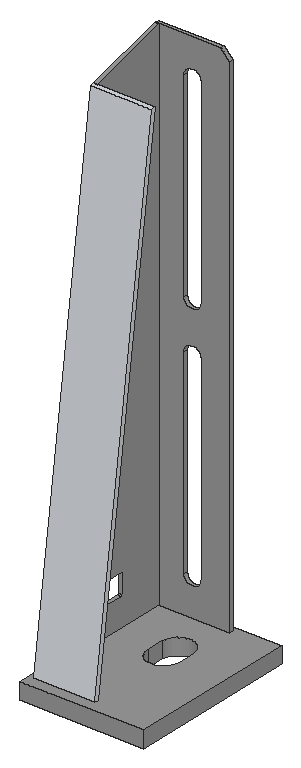
Revit family "Wand- und Stielausleger- AW 30 21 FT,FT SO,A2,A4 ", category Generic Models, Revit 2017
Family settings
  Can host rebar = No
  Round Connector Dimension = Use Diameter
  Part Type = Normal
  Work Plane-Based = No
  Always vertical = Yes
  Cut with Voids When Loaded = No
  Shared = No
  Room Calculation Point = No
Parameters (values of type "AW 30 21 A4")
  Width 2 = 19.9 mm
  Width = 50 mm
  URL = "http://www.obo-bettermann.com"
  Material 2 = Stainless steel, material A4
  Manufacturer Art.No. = "6443311"
  Manufacturer = "OBO Bettermann"
  Length = 210 mm
  Height = 69.3 mm
  GTIN = "4012196349753"
  Article Type = "AW 30 21 A4"
Types (5, lengths in mm): name | Width 2 | Material 2 | Manufacturer Art.No. | GTIN | Article Type
  (no name) | 19.9 | Stainless steel, material A4 | "6443311" | "4012196349753" | "AW 30 21 A4"
  AW 30 21 FT | 19.357 | Hot-dip galvanised | "6419720" | "4012196206711" | "AW 30 21 FT"
  AW 30 21 FT SO | 19.357 | Hot-dip galvanised 85 µm | "7192020" | "4012196147496" | "AW 30 21 FT SO"
  AW 30 21 A2 | 19.357 | Stainless steel, material A2 | "6442838" | "4012196209057" | "AW 30 21 A2"
  AW 30 21 A4 | 19.9 | Stainless steel, material A4 | "6443311" | "4012196349753" | "AW 30 21 A4"
Reference planes
  plane 1 "Center (Front/Back)": y = 0
  plane 2: z = 0
  plane 3 "Center (Left/Right)": x = 0
  plane 4: x = 25
  plane 5: y = 20
  plane 6: x = 48.806
  plane 7: x = 25
  plane 8: x = 3.9
  plane 9: x = 18.9
  plane 10: z = 15.046
  plane 11: x = 17.075
  plane 12: z = 213.546
  plane 13: x = 1.5
  plane 14: x = 3
  plane 15: y = 33.14
  plane 16: y = -7.21
  plane 17: y = -30.07
  plane 18: x = 1.166
  plane 19: x = 1.16
  plane 20: x = 43.75
  plane 21: x = 2.19
  plane 22: y = -29.07
  plane 23: x = 3.176
  plane 24: y = 27.079
  plane 25: y = 31.94
  plane 26: y = 28.693
  plane 27: y = 30.94
  plane 28: through (4267.2, -29.07, 3.546) normal (0, -0.9899, 0.1418)
  plane 29: x = 4.773
  plane 30: x = 4.773
  plane 31: y = 7.94
  plane 32: z = 19.546
  plane 33: x = 30.171
  plane 34: y = -12.042
  plane 35: through (4267.2, -30.476, 3.747) normal (0, -0.9899, 0.1418)
  plane 36: x = 3.568
  plane 37: x = 17.142
  plane 38: z = 202.046
  plane 39: z = 115.046
  plane 40: z = 102.046
  plane 41: z = 15.046
  plane 42: x = 17.142
Forms (mm)
  Extrusion 1, solid, material "Stainless steel, material A4" <- "Material 2"
    sketch origin (0, 54.3, -3.15) x (0, 1, 0) y (0, 0, 1)
      loop
        line (-19.66, 6.696) -> (-88.96, 6.696) -> (-88.96, 0.17) -> (-19.66, 0.17) -> (-19.66, 6.696)
    from 0 to 50
  Extrusion 2, void
    sketch origin (0, 0, 0) x (1, 0, 0) y (0, 1, 0)
      loop
        arc (18.5, 6.39) -> (25, -0.11) -> (31.5, 6.39) r 6.5
        line (31.5, 6.39) -> (31.5, 13.5)
        arc (31.5, 13.5) -> (25, 20) -> (18.5, 13.5) r 6.5
        line (18.5, 13.5) -> (18.5, 6.39)
    from -2.98 to 3.546
  Extrusion 3, solid, material "Stainless steel, material A4" <- "Material 2"
    sketch origin (0, 0, -0.04) x (0, 1, 0) y (0, 0, 1)
      loop
        line (1.085, 213.586) -> (-28.99, 3.586) -> (30.94, 3.586) -> (30.94, 213.586) -> (1.085, 213.586)
    from 2.19 to 3.568
  Extrusion 4, void
    sketch origin (0, 0, 0) x (0, 1, 0) y (0, 0, 1)
      loop
        line (11.94, 24.046) -> (3.94, 24.046)
        arc (3.94, 24.046) -> (3.586, 23.899) -> (3.44, 23.546) r 0.5
        line (3.44, 23.546) -> (3.44, 15.546)
        arc (3.44, 15.546) -> (3.586, 15.192) -> (3.94, 15.046) r 0.5
        line (3.94, 15.046) -> (11.94, 15.046)
        arc (11.94, 15.046) -> (12.294, 15.192) -> (12.44, 15.546) r 0.5
        line (12.44, 15.546) -> (12.44, 23.546)
        arc (12.44, 23.546) -> (12.294, 23.899) -> (11.94, 24.046) r 0.5
    from 2.19 to 3.568
  Extrusion 5, void
    sketch origin (0, 0, 0) x (0, 1, 0) y (0, 0, 1)
      loop
        line (-0.107, 205.227) -> (30.94, 213.546) -> (1.085, 213.546) -> (-0.107, 205.227)
    from 2.19 to 3.568
  Extrusion 6, solid, material "Stainless steel, material A4" <- "Material 2"
    sketch origin (0, 0.021, 0) x (0, 1, 0) y (0, 0, 1)
      loop
        line (30.94, 3.546) -> (32.538, 3.546) -> (32.538, 213.546) -> (30.94, 213.546) -> (30.94, 3.546)
    from 2.19 to 32.142
  Extrusion 7, void
    sketch origin (0, 0, 0) x (1, 0, 0) y (0, 0, 1)
      loop
        line (28.491, 213.546) -> (32.142, 209.894) -> (32.142, 213.546) -> (28.491, 213.546)
    from -32.558 to -30.94
  Extrusion 8, void
    sketch origin (0, 0, 0) x (1, 0, 0) y (0, 0, 1)
      loop
        line (13.642, 198.541) -> (13.642, 118.55)
        arc (13.642, 118.55) -> (17.142, 115.05) -> (20.642, 118.55) r 3.5
        line (20.642, 118.55) -> (20.642, 198.541)
        arc (20.642, 198.541) -> (17.142, 202.041) -> (13.642, 198.541) r 3.5
      loop
        arc (13.642, 18.558) -> (17.142, 15.058) -> (20.642, 18.558) r 3.5
        line (20.642, 18.558) -> (20.642, 98.547)
        arc (20.642, 98.547) -> (17.142, 102.047) -> (13.642, 98.547) r 3.5
        line (13.642, 98.547) -> (13.642, 18.558)
    from -32.558 to -30.94
  Extrusion 9, solid
    sketch origin (0, 0, 0) x (0, 1, 0) y (0, 0, 1)
      loop
        line (-28.989, 3.551) -> (-0.107, 205.227) -> (-1.661, 204.953) -> (-30.474, 3.764) -> (-28.989, 3.551)
    from 2.19 to 26.794
Cuts and joins
  Extrusion 2 cuts Extrusion 1
  Extrusion 4, Extrusion 5 cuts Extrusion 3
  Extrusion 7, Extrusion 8 cuts Extrusion 6
Dimensions and locks
  level to Extrusion 1 sketch curve = 3.546 mm  (x2)
  "Width": Extrusion 1 to Extrusion 1
  "Height": Extrusion 1 to Extrusion 1
  locked: Extrusion 1 sketch curve to level at 2.98
  locked: Extrusion 1 to plane 1 "Center (Front/Back)" at 34.64
  Extrusion 1 to plane 1 "Center (Front/Back)" = 34.66 mm
  Extrusion 2 sketch curve to Extrusion 2 sketch curve = 13 mm
  locked: plane 4 to Extrusion 1 at 25
  locked: plane 4 to Extrusion 2 sketch curve at 6.5
  locked: Extrusion 2 sketch curve to plane 4 at 6.5
  locked: plane 1 "Center (Front/Back)" to Extrusion 2 sketch curve at 20
  locked: plane 6 to cut or joined group of Extrusion 1, Extrusion 2 at 1.194
  locked: cut or joined group of Extrusion 1, Extrusion 2 to plane 8 at 3.9
  locked: cut or joined group of Extrusion 1, Extrusion 2 to cut or joined group of Extrusion 1, Extrusion 2 at 6.526  (x2)
  locked: plane 10 to cut or joined group of Extrusion 1, Extrusion 2 at 11.5
  "Height": cut or joined group of Extrusion 1, Extrusion 2 to cut or joined group of Extrusion 1, Extrusion 2
  "Width": cut or joined group of Extrusion 1, Extrusion 2 to cut or joined group of Extrusion 1, Extrusion 2
  locked: plane 12 to cut or joined group of Extrusion 1, Extrusion 2 at 210
  locked: plane 13 to plane 3 "Center (Left/Right)" at 1.5
  locked: cut or joined group of Extrusion 1, Extrusion 2 to plane 17 at 4.59
  locked: cut or joined group of Extrusion 1, Extrusion 2 to plane 18 at 1.166
  locked: cut or joined group of Extrusion 1, Extrusion 2 to plane 20 at 6.25
  locked: cut or joined group of Extrusion 1, Extrusion 2 to plane 25 at 2.7
  plane 10 to cut or joined group of Extrusion 1, Extrusion 2 = 11.5 mm
  locked: plane 32 to cut or joined group of Extrusion 1, Extrusion 2 at 16
  Extrusion 4 sketch curve to Extrusion 4 sketch curve = 9 mm
  locked: plane 32 to Extrusion 4 sketch curve at 4.5  (x2)
  plane 31 to Extrusion 4 sketch curve = 4.5 mm
  locked: Extrusion 4 sketch curve to plane 31 at 4.5
  locked: plane 31 to Extrusion 4 sketch curve at 4.5
  plane 33 to cut or joined group of Extrusion 3, Extrusion 4, Extrusion 5 = 26.603 mm
  locked: Extrusion 6 to Extrusion 6 at 29.953
  locked: Extrusion 6 to cut or joined group of Extrusion 1, Extrusion 2 at 17.858
  locked: cut or joined group of Extrusion 6, Extrusion 7, Extrusion 8 to plane 37 at 15
  locked: cut or joined group of Extrusion 6, Extrusion 7, Extrusion 8 to plane 38 at 11.5
  locked: Extrusion 8 sketch curve to Extrusion 8 sketch curve at 7
  locked: plane 38 to plane 39 at 87
  locked: plane 39 to plane 40 at 13
  locked: plane 41 to cut or joined group of Extrusion 1, Extrusion 2 at 11.5
  locked: plane 42 to Extrusion 8 sketch curve at 3.5  (x2)
  locked: Extrusion 9 to Extrusion 9 at 24.604
  locked: cut or joined group of Extrusion 6, Extrusion 7, Extrusion 8 to cut or joined group of Extrusion 6, Extrusion 7, Extrusion 8 at 29.953
  locked: Extrusion 9 to cut or joined group of Extrusion 1, Extrusion 2 at 4.186
  cut or joined group of Extrusion 1, Extrusion 2 to cut or joined group of Extrusion 6, Extrusion 7, Extrusion 8 = 2.082 mm
  locked: cut or joined group of Extrusion 6, Extrusion 7, Extrusion 8 to Extrusion 9 at 8.593
  locked: cut or joined group of Extrusion 3, Extrusion 4, Extrusion 5 to Extrusion 5 sketch curve (angle 15.00°)
  locked: Extrusion 9 sketch curve to cut or joined group of Extrusion 1, Extrusion 2 (angle 8.15°)
  aligned and locked: level to plane 2
  aligned and locked: Extrusion 1 to Extrusion 2  (x2)
  aligned and locked: plane 12 to Extrusion 3
  aligned and locked: Extrusion 5 to plane 21
  aligned and locked: Extrusion 3 to Extrusion 5
  aligned and locked: Extrusion 3 to Extrusion 4
  aligned and locked: Extrusion 4 to plane 21
  aligned and locked: plane 21 to cut or joined group of Extrusion 3, Extrusion 4, Extrusion 5
  aligned and locked: Extrusion 6 to cut or joined group of Extrusion 3, Extrusion 4, Extrusion 5
  aligned and locked: Extrusion 7 sketch curve to Extrusion 6
  aligned and locked: Extrusion 7 sketch curve to plane 12
  aligned and locked: Extrusion 7 to Extrusion 6
  aligned and locked: Extrusion 7 to plane 27
  aligned and locked: cut or joined group of Extrusion 6, Extrusion 7, Extrusion 8 to Extrusion 8
  aligned and locked: Extrusion 8 to plane 27
  aligned and locked: plane 36 to cut or joined group of Extrusion 3, Extrusion 4, Extrusion 5
  aligned and locked: cut or joined group of Extrusion 1, Extrusion 2 to cut or joined group of Extrusion 1, Extrusion 2
  aligned and locked: cut or joined group of Extrusion 6, Extrusion 7, Extrusion 8 to cut or joined group of Extrusion 1, Extrusion 2
  aligned and locked: Extrusion 9 to plane 21
  aligned and locked: cut or joined group of Extrusion 6, Extrusion 7, Extrusion 8 to cut or joined group of Extrusion 6, Extrusion 7, Extrusion 8
Automatic sketch dimensions
  plane 1 "Center (Front/Back)" to Extrusion 1 sketch curve = 34.66 mm
  Extrusion 1 sketch curve to plane 1 "Center (Front/Back)" = 34.64 mm
  Extrusion 2 sketch curve to plane 1 "Center (Front/Back)" = 6.39 mm
  Extrusion 3 sketch curve to plane 28 = 0.079 mm
  plane 27 to Extrusion 3 sketch curve = 0 mm
  level to Extrusion 3 sketch curve = 3.546 mm
  plane 12 to Extrusion 3 sketch curve = 0 mm
  plane 22 to Extrusion 3 sketch curve = 0.08 mm
  Extrusion 4 sketch curve to Extrusion 4 sketch curve = 0.5 mm  (x4)
  Extrusion 5 sketch curve to plane 12 = 0 mm
  Extrusion 5 sketch curve to plane 27 = 0 mm
  Extrusion 5 sketch curve to plane 1 "Center (Front/Back)" = 1.085 mm
  plane 1 "Center (Front/Back)" to Extrusion 5 sketch curve = 0.107 mm
  plane 27 to Extrusion 6 sketch curve = 0.021 mm
  plane 12 to Extrusion 6 sketch curve = 0 mm
  Extrusion 6 sketch curve to plane 25 = 0.618 mm
  level to Extrusion 6 sketch curve = 3.546 mm
  Extrusion 7 sketch curve to plane 33 = 1.68 mm
  Extrusion 7 sketch curve to plane 12 = 3.652 mm
  plane 37 to Extrusion 8 sketch curve = 0 mm
  plane 10 to Extrusion 8 sketch curve = 3.512 mm
  Extrusion 8 sketch curve to plane 40 = 3.499 mm
  plane 39 to Extrusion 8 sketch curve = 3.504 mm
  Extrusion 8 sketch curve to plane 38 = 3.505 mm
  Extrusion 9 sketch curve to plane 35 = 0 mm
  Extrusion 9 sketch curve to plane 17 = 0.404 mm
  plane 22 to Extrusion 9 sketch curve = 0.081 mm
  plane 1 "Center (Front/Back)" to Extrusion 9 sketch curve = 1.661 mm
  plane 1 "Center (Front/Back)" to Extrusion 9 sketch curve = 0.107 mm
